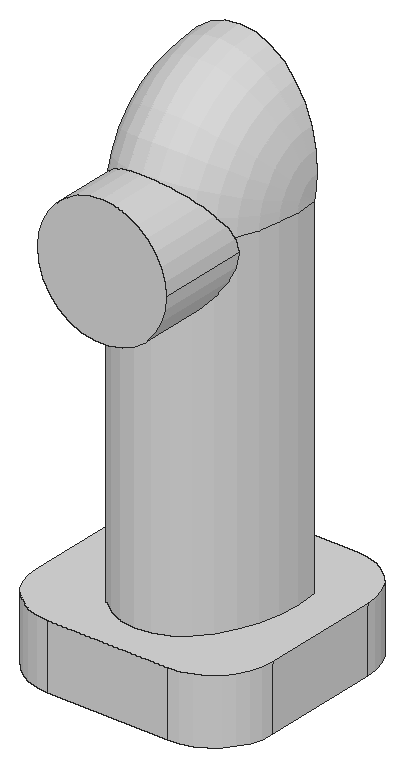
Revit family "Divereter_Tub_Spout-Lixil-Grohe_Cubeo_101924", category Plumbing Fixtures, host Face, Revit 2023
Family settings
  Host = Face
  Round Connector Dimension = Use Diameter
  Part Type = Normal
  OmniClass Number = 23.45.05.14.17
  OmniClass Title = Showers
  Enable Cutting in Views = No
  Cut with Voids When Loaded = No
  Maintain Annotation Orientation = No
  Shared = No
  Room Calculation Point = No
Parameters (values of type "Chrome")
  Waste Connection = 1 = 0  # no
  Warranty URL = "Contact Manufacturer for More Information"
  WFU = 0
  Version = "2023 v.1.0a"  # constant formula
  Vent Connection = 1 = 0  # no
  URL = "https://www.grohe.com/en/corporate/homepage.html"
  Type Comments = ""
  Support Phone = "224-699-9545"  # constant formula
  Support Email = "mailto:support@bimsmith.com"
  Product Page URL = "https://lixilpro.com/products/Bathroom-Faucets/tub-fillers/Cubeo-Diverter-Tub-Spout/Chrome-(G00)-1019240000/"
  Product Name = "Cubeo Diverter Tub Spout"  # constant formula
  Product Documentation Link = "https://lixil.cdn.celum.cloud/252846_101924_Cubeo_diverter_tub_spout_original.pdf"
  Model = "1019240000"
  Material = "Solid Brass Body Construction"  # constant formula
  Manufacturer Phone Number = "+1 (800) 444-7643"  # constant formula
  Manufacturer Email = "Contact Manufacturer for More Information"
  Manufacturer Address = "Contact Manufacturer for More Information"
  Manufacturer = "LIXIL"  # constant formula
  Keynote = "22 41 39"
  HWFU = 0
  HW Connection = 1 = 0  # no
  Flow Rate = 0 GPM
  Finish = Metal - Grohe - Chrome
  Description = "Bathroom Faucets"  # constant formula
  Default Elevation = 0' - 0"  # constant formula
  Copyright = "©LIXIL® | All Rights Reserved"  # constant formula
  Collection = "Cubeo"  # constant formula
  CWFU = 0
  CW Connection = 1 = 0  # no
  Brand = "Grohe"  # constant formula
  Assembly Code = "D2010700"
Types (4): name | Model | Finish
  Chrome | "1019240000" | Metal - Grohe - Chrome
  Matte Black | "1019242430" | Metal - Grohe - Matte Black
  Brushed Nickel | "101924EN00" | Metal - Grohe - Brushed Nickel
  Brushed Cool Sunrise | "101924GN00" | Metal - Grohe - Brushed Cool Sunrise
Reference planes (in)
  plane 1 "Center (Front/Back)": y = 3.48817
  plane 2: z = 0
  plane 3 "Center (Left/Right)": x = 0
Forms (in)
  Sweep 1, solid, material "Metal - Grohe - Chrome" <- "Finish"
    path origin (0, 3.48817, 0) x (0, 1, 0) y (0, 0, 1)
      loop
        line (-0.92694, 0.70866) -> (-0.92694, 4.54949)
        arc (-0.92694, 4.54949) -> (-0.50353, 5.57168) -> (0.51865, 5.99508) r 1.44559
    profile origin (0, 2.56123, 2.62908) x (0, -1, 0) y (1, 0, 0)
      loop
        line (-1.4224, 0.81781) -> (-1.4224, -0.81781)
        spline (-1.4224, -0.81781) -> (-1.07614, -0.8356) -> (-0.73793, -0.77944) -> (-0.43768, -0.65431) -> (-0.20196, -0.47128) -> (-0.05163, -0.24655) -> (0, 0) -> (-0.05163, 0.24655) -> (-0.20196, 0.47128) -> (-0.43768, 0.65431) -> (-0.73793, 0.77944) -> (-1.07614, 0.8356) -> (-1.4224, 0.81781)
  Extrusion 2, solid, material "Metal - Grohe - Chrome" <- "Finish"
    sketch origin (0, 3.48817, 0) x (1, 0, 0) y (0, 0, 1)
      loop
        circle (0, 4.39074) r 0.70804
    from 0 to 1.36682
  Revolve 3, solid, material "Metal - Grohe - Chrome" <- "Finish"
    sketch origin (0, 3.48817, 0) x (0, 1, 0) y (0, 0, 1)
      loop
        line (1.15382, 4.88256) -> (0.57793, 4.88256)
        arc (0.57793, 4.88256) -> (0.55902, 4.87473) -> (0.55118, 4.85581) r 0.02675
        line (0.55118, 4.85581) -> (0.55118, 4.72246) -> (0.51865, 4.72246) -> (0.51865, 4.58714) -> (1.17888, 4.58714) -> (1.17888, 4.8575)
        arc (1.17888, 4.8575) -> (1.17154, 4.87522) -> (1.15382, 4.88256) r 0.02506
      axis (0.51865, 4.58714) -> (1.17888, 4.58714)
    angle from 0 to 360
  Extrusion 4, solid, material "Metal - Grohe - Chrome" <- "Finish"
    sketch origin (0, 3.48817, 0) x (1, 0, 0) y (0, 1, 0)
      loop
        arc (-1.29378, -0.65056) -> (-1.10645, -1.10281) -> (-0.65421, -1.29014) r 0.63957
        line (-0.65421, -1.29014) -> (0.65421, -1.29014)
        arc (0.65421, -1.29014) -> (1.10645, -1.10281) -> (1.29378, -0.65056) r 0.63957
        line (1.29378, -0.65056) -> (1.29378, 0.65056)
        arc (1.29378, 0.65056) -> (1.10645, 1.10281) -> (0.65421, 1.29014) r 0.63957
        line (0.65421, 1.29014) -> (-0.65421, 1.29014)
        arc (-0.65421, 1.29014) -> (-1.10645, 1.10281) -> (-1.29378, 0.65056) r 0.63957
        line (-1.29378, 0.65056) -> (-1.29378, -0.65056)
    from 0 to 0.70866
Dimensions and locks (in)
  aligned and locked: plane 2 to host face
  aligned and locked: level to host face
